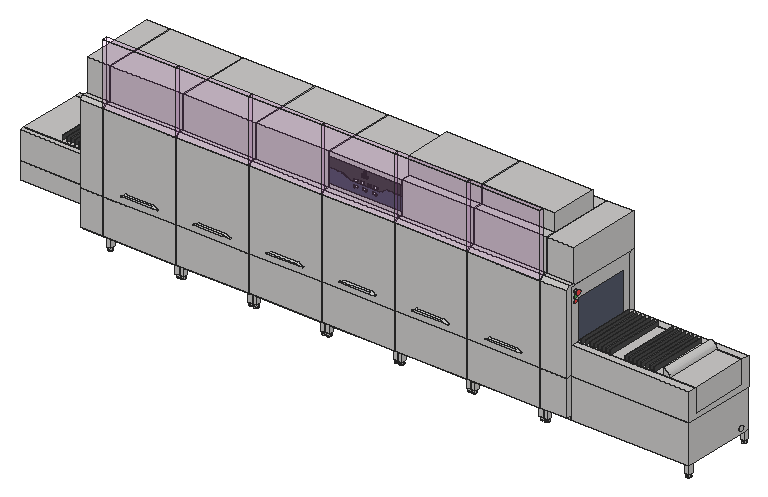
Revit family "QF_ELECTROLUXPROFESSIONAL_520129_EFTD108EL2U3D1M5EL385", category Attrezzature speciali, Revit 2020
Family settings
  Quota connettore circolare = Usa diametro
  Tipo di parte = Normale
  Basato su piano di lavoro = No
  Sempre verticale = Sì
  Taglio con vuoti quando caricato = No
  Condiviso = No
  Punto di calcolo locali = No
Parameters (values of type "Standard")
  Weight = 1602.00 kg
  Watts = 87700 W
  Volts = 380 V
  URL Manufacturer = "https://www.electroluxprofessional.com/"
  URL = "https://www.electroluxprofessional.com/"
  Steam Supply Size = 0 mm
  Steam Supply Minimum Pressure = 0.0 Pa
  Steam Supply Maximum Pressure = 0.0 Pa
  Steam Consumption per Hour = 0
  Show Logo [instance] = yes
  Show Clearance [instance] = yes
  Refrigeration Suction Line Size = 0 mm
  Refrigeration Liquid Line Size = 0 mm
  Refrigerant Compressor Remote = yes
  Prospetto di default = 0 mm
  Produttore = "Electrolux Professional"
  Phase = 3
  Modello = "EFTD108EL2U3D1M5EL385"
  Length Actual = 7350 mm  # constant formula
  Item Number = "520129"
  Hot Water Size = 0 mm
  Height Actual = 1983 mm  # constant formula
  HP = "117.6 HP"
  Gas Size = 0 mm
  Gas KW = 0
  Gas Input Pressure = 0 W
  Direct Waste Size = 50.8 mm
  Descrizione = "FT, 4TANKS, 10800D/H, EL., 950MM LOADING, 1600MM UNLOADING, 1DRYER, 55MM CONVEYOR,ESD,L>R,380V50HZ3P"
  Depth Actual = 946 mm  # constant formula
  Cycle = 50 Hz
  Condensate Return Size = 0 mm
  Compressed Air Volume = 0.0 L/s
  Compressed Air Size = 0 mm
  Compressed Air Pressure = 0.0 Pa
  Cold Water Size = 0 mm
  Accessory = yes
Reference planes
  plane 1 "Centro (Fronte/Retro)": y = 0
  plane 2: z = 0
  plane 3 "Centro (Sinistra/Destra)": x = 0
  plane 4: z = 115
Forms (mm)
  Extrusion 1, solid, material "QF_Finishes_Stainless Steel"
    sketch origin (3032.404, 2, 1806.023) x (1, 0, 0) y (0, 0, 1)
      loop
        line (407.596, -163.023) -> (407.596, -183.023) -> (427.596, -183.023) -> (427.596, -163.023) -> (407.596, -163.023)
    from 0 to 2
  Extrusion 2, solid, material "QF_Finishes_Stainless Steel"
    sketch origin (7355.617, -934.464, 1290.159) x (0, 0, -1) y (0, -1, 0)
      loop
        circle (1102.159, -772.464) r 25
    from -9.383 to 5.617
  Extrusion 3, solid, material "QF_Finishes_Stainless Steel"
    sketch origin (3692.404, 2, 337.984) x (1, 0, 0) y (0, 0, 1)
      loop
        line (407.596, -163.023) -> (407.596, -183.023) -> (427.596, -183.023) -> (427.596, -163.023) -> (407.596, -163.023)
    from 0 to 2
  Extrusion 4, solid, material "QF_Finishes_Stainless Steel"
    sketch origin (3497.841, 200.464, 109.383) x (1, 0, 0) y (0, 1, 0)
      loop
        circle (1102.159, -772.464) r 10
    from -9.383 to 5.617
Dimensions and locks
  plane 4 to level = 115 mm
  aligned and locked: level to plane 2
Nested families
  nested 1: "MODULO_CENTER_800_FAN" at (4533.563, -388.258, 0), Show Clearance <- "Show Clearance", type "MODULO_CENTER_800_FAN"
    with Show Logo yes, Show Clearance yes, R_L no, L_R yes
  nested 2: "MODULO_CENTER_800_FAN" at (5333.563, -388.258, 0), Show Clearance <- "Show Clearance", type "MODULO_CENTER_800_FAN"
    with Show Logo yes, Show Clearance yes, R_L no, L_R yes
  nested 3: "MODULO_CENTER_800" at (3733.563, -388.258, 0), Show Clearance <- "Show Clearance", type "MODULO_CENTER_800"
    with Show Logo yes, Show Clearance yes, R_L no, L_R yes
  nested 4: "MODULO_ENTRY_DISH_950" at (558.563, -388.258, 0), type "MODULO_ENTRY_DISH_950"
    with Show Logo yes, Show Clearance yes, R_L no, L_R yes
  nested 5: "MODULO_USCITA_DISH_1600" at (6108.563, -388.258, 0), type "MODULO_USCITA_DISH_1600"
    with Show Logo yes, Show Clearance yes, R_L yes, L_R no
  nested 6: "Piedino_Square_115H" at (7326.5, -73.5, 0) x (-1, 0, 0) z (0, 0, 1), type "Piedino_Square_115H"
  nested 7: "Piedino_Square_115H" at (7326.5, -838.5, 0) x (-1, 0, 0) z (0, 0, 1), type "Piedino_Square_115H"
  nested 8: "Piedino_Square_115H" at (5773.5, -73.5, 0) x (-1, 0, 0) z (0, 0, 1), type "Piedino_Square_115H"
  nested 9: "Piedino_Square_115H" at (5773.5, -838.5, 0) x (-1, 0, 0) z (0, 0, 1), type "Piedino_Square_115H"
  nested 10: "Piedino_Square_115H" at (4173.5, -838.5, 0), type "Piedino_Square_115H"
  nested 11: "Piedino_Square_115H" at (4173.5, -73.5, 0), type "Piedino_Square_115H"
  nested 12: "Piedino_Square_115H" at (4926.5, -838.5, 0), type "Piedino_Square_115H"
  nested 13: "Piedino_Square_115H" at (4926.5, -73.5, 0), type "Piedino_Square_115H"
  nested 14: "Piedino_Square_115H" at (4973.5, -838.5, 0) x (-1, 0, 0) z (0, 0, 1), type "Piedino_Square_115H"
  nested 15: "Piedino_Square_115H" at (4973.5, -73.5, 0) x (-1, 0, 0) z (0, 0, 1), type "Piedino_Square_115H"
  nested 16: "Piedino_Square_115H" at (5726.5, -838.5, 0) x (-1, 0, 0) z (0, 0, 1), type "Piedino_Square_115H"
  nested 17: "Piedino_Square_115H" at (5726.5, -73.5, 0) x (-1, 0, 0) z (0, 0, 1), type "Piedino_Square_115H"
  nested 18: "Piedino_Square_115H" at (3373.5, -838.5, 0), type "Piedino_Square_115H"
  nested 19: "Piedino_Square_115H" at (3373.5, -73.5, 0), type "Piedino_Square_115H"
  nested 20: "Piedino_Square_115H" at (4126.5, -838.5, 0), type "Piedino_Square_115H"
  nested 21: "Piedino_Square_115H" at (4126.5, -73.5, 0), type "Piedino_Square_115H"
  nested 22: "MANIGLIA_FLIGHT_400" at (3750, -912, 639.28) x (1, 0, 0) z (0, -1, 0), type "MANIGLIA_FLIGHT_400"
  nested 23: "MANIGLIA_FLIGHT_400" at (5350, -912, 639.28) x (1, 0, 0) z (0, -1, 0), type "MANIGLIA_FLIGHT_400"
  nested 24: "MANIGLIA_FLIGHT_400" at (4550, -912, 639.28) x (1, 0, 0) z (0, -1, 0), type "MANIGLIA_FLIGHT_400"
  nested 25: "MODULO_CENTER_800" at (2966.437, -388.258, 0) x (-1, 0, 0) z (0, 0, 1), Show Clearance <- "Show Clearance", type "MODULO_CENTER_800"
    with Show Logo yes, Show Clearance yes, R_L no, L_R yes
  nested 26: "Piedino_Square_115H" at (3326.5, -838.5, 0) x (-1, 0, 0) z (0, 0, 1), type "Piedino_Square_115H"
  nested 27: "Piedino_Square_115H" at (3326.5, -73.5, 0) x (-1, 0, 0) z (0, 0, 1), type "Piedino_Square_115H"
  nested 28: "Piedino_Square_115H" at (2573.5, -838.5, 0) x (-1, 0, 0) z (0, 0, 1), type "Piedino_Square_115H"
  nested 29: "Piedino_Square_115H" at (2573.5, -73.5, 0) x (-1, 0, 0) z (0, 0, 1), type "Piedino_Square_115H"
  nested 30: "MANIGLIA_FLIGHT_400" at (2950, -912, 639.28) x (-1, 0, 0) z (0, -1, 0), type "MANIGLIA_FLIGHT_400"
  nested 31: "MODULO_CENTER_800" at (2133.563, -388.258, 0), Show Clearance <- "Show Clearance", type "MODULO_CENTER_800"
    with Show Logo yes, Show Clearance yes, R_L no, L_R yes
  nested 32: "Piedino_Square_115H" at (1773.5, -838.5, 0), type "Piedino_Square_115H"
  nested 33: "Piedino_Square_115H" at (1773.5, -73.5, 0), type "Piedino_Square_115H"
  nested 34: "Piedino_Square_115H" at (2526.5, -838.5, 0), type "Piedino_Square_115H"
  nested 35: "Piedino_Square_115H" at (2526.5, -73.5, 0), type "Piedino_Square_115H"
  nested 36: "MANIGLIA_FLIGHT_400" at (2150, -912, 639.28) x (1, 0, 0) z (0, -1, 0), type "MANIGLIA_FLIGHT_400"
  nested 37: "MODULO_CENTER_800" at (1366.437, -388.258, 0) x (-1, 0, 0) z (0, 0, 1), Show Clearance <- "Show Clearance", type "MODULO_CENTER_800"
    with Show Logo yes, Show Clearance yes, R_L no, L_R yes
  nested 38: "Piedino_Square_115H" at (1726.5, -838.5, 0) x (-1, 0, 0) z (0, 0, 1), type "Piedino_Square_115H"
  nested 39: "Piedino_Square_115H" at (1726.5, -73.5, 0) x (-1, 0, 0) z (0, 0, 1), type "Piedino_Square_115H"
  nested 40: "Piedino_Square_115H" at (973.5, -838.5, 0) x (-1, 0, 0) z (0, 0, 1), type "Piedino_Square_115H"
  nested 41: "Piedino_Square_115H" at (973.5, -73.5, 0) x (-1, 0, 0) z (0, 0, 1), type "Piedino_Square_115H"
  nested 42: "MANIGLIA_FLIGHT_400" at (1350, -912, 639.28) x (-1, 0, 0) z (0, -1, 0), type "MANIGLIA_FLIGHT_400"
  nested 43: "Schermo_Flight_800" at (3750, -815, 1592.43) x (1, 0, 0) z (0, -1, 0), type "Schermo_Flight_800"
  nested 44: "ELX_LOGO_WORDS_WHITE" at (3750, -816.6, 1682.43) x (1, 0, 0) z (0, -1, 0), visible <- "Show Logo", Show Logo <- "Show Logo", type "ELX_LOGO_WORDS_WHITE"
    with Show Logo yes
  nested 45: "ELX_LOGO_MONO_SMALL_WHITE" at (3740.08, -816.6, 1668.43) x (-1, 0, 0) z (0, -1, 0), visible <- "Show Logo", Show Logo <- "Show Logo", type "ELX_LOGO_MONO_SMALL_WHITE"
    with Show Logo yes
Connectors
  electrical at (3450, 2, 1633)
    settings: on Extrusion 1, index 69, voltage 0 V, apparent load 0 VA, apparent load phase1 0 VA, apparent load phase2 0 VA, apparent load phase3 0 VA, power factor 1, load classification "Altro", number of poles 1, system type 30, power factor state 1, is connector primary yes, connector utility no, sub classification motor no, connector description "EI"
  piping at (7365, -162, 188), diameter 50
    settings: on Extrusion 2, index 70, connector inside diameter 609.6 mm, connector length 0 mm, flow factor 0, pipe flow 0.0 L/s, pressure drop 0.0 Pa, fitting loss kfactor 0, connector angle 0.00°, fixture units 0, engagement length 0 mm, angle of deflection 0.00°, flow configuration 0, flow direction 0, fitting loss method 0, system type 29, joint type 0, gender type 0, connector reference index -1, connector utility 0, adjustable connector no, is connector primary yes, connector description "D"
  electrical at (4110, 2, 164.961)
    settings: on Extrusion 3, index 71, voltage 0 V, apparent load 0 VA, apparent load phase1 0 VA, apparent load phase2 0 VA, apparent load phase3 0 VA, power factor 1, load classification "Altro", number of poles 1, system type 30, power factor state 1, is connector primary no, connector utility no, sub classification motor no, connector description "EQ"
  piping at (4600, -572, 100), diameter 19.1
    settings: on Extrusion 4, index 72, connector inside diameter 609.6 mm, connector length 0 mm, flow factor 0, pipe flow 0.0 L/s, pressure drop 0.0 Pa, fitting loss kfactor 0, connector angle 0.00°, fixture units 0, engagement length 0 mm, angle of deflection 0.00°, flow configuration 0, flow direction 0, fitting loss method 0, system type 29, joint type 0, gender type 0, connector reference index -1, connector utility 0, adjustable connector no, is connector primary no, connector description "HWI/CWI"
Definition of nested family "MODULO_CENTER_800_FAN"
  Parameters (values of type "MODULO_CENTER_800_FAN")
    URL = "http://professional.electrolux.com"
    Show Logo [instance] = yes
    R_L [instance] = not(L_R)  # no
    Default Elevation = 0 mm
    Manufacturer = "Electrolux"
    Model = "ESR10E5"
    Length Actual = 800 mm
    Show Clearance [instance] = yes
    L_R [instance] = yes
    Height Actual = 1792 mm
    Description = "SINGLE RINSE RT, 100R/H, ELECTRIC 50HZ"
    Depth Actual = 912 mm
  Reference planes
    plane 1 "Center X": y = -67.742
    plane 2: z = 0
    plane 3 "LEFT": x = -383.563
    plane 4 "RIGHT": x = 416.437
    plane 5 "BACK": y = 388.258
    plane 6 "FEET": z = 115
    plane 7: z = 2092
    plane 8 "TOP": z = 1792
    plane 9 "FRONT": y = -523.742
    plane 10 "Left/Right": x = 16.437
    plane 11 "TopVent": z = 1983
  Forms (mm)
    Extrusion 1, solid
      sketch origin (416.437, 479.936, 4000) x (0, 1, 0) y (0, 0, 1)
        loop
          line (-91.678, -2208) -> (-906.678, -2208) -> (-906.678, -2580) -> (-91.678, -2580) -> (-91.678, -2208)
      from -800 to 0
    Extrusion 2, solid
      sketch origin (-383.563, 437.565, 3910) x (0, 1, 0) y (0, 0, 1)
        loop
          line (-99.307, -2490) -> (-911.307, -2490) -> (-911.307, -3552) -> (-99.307, -3552) -> (-99.307, -2490)
      from 800 to 0
    Extrusion 3, solid
      sketch origin (416.437, 479.936, 4299) x (0, 1, 0) y (0, 0, 1)
        loop
          line (-278.21, -2316) -> (-803.678, -2316) -> (-803.678, -2507) -> (-278.21, -2507) -> (-278.21, -2316)
      from -800 to 0
    Extrusion 4, solid
      sketch origin (16.437, 0, 1.5) x (0, 0, 1) y (0, -1, 0)
        loop
          line (356.5, -338.258) -> (356.5, 473.742) -> (113.5, 473.742) -> (113.5, -338.258) -> (356.5, -338.258)
      from 400 to -400
    Extrusion 5, solid
      sketch origin (16.437, 0, 0) x (0, 0, 1) y (0, -1, 0)
        loop
          line (1420, -338.258) -> (545, -338.258) -> (545, -388.258) -> (1420, -388.258) -> (1420, -338.258)
      from -400 to 400
    Extrusion 6, solid
      sketch origin (16.437, 0, 0) x (0, 0, 1) y (0, -1, 0)
        loop
          line (545, -388.258) -> (545, -338.258) -> (154, -338.258) -> (154, -388.258) -> (545, -388.258)
      from -400 to 400
    Extrusion 7, solid
      sketch origin (16.437, -882.484, -150) x (0, -1, 0) y (0, 0, 1)
        loop
          line (-358.742, 304) -> (-358.742, 695) -> (-408.742, 695) -> (-408.742, 304) -> (-358.742, 304)
      from -400 to 400
    Extrusion 8, solid
      sketch origin (16.437, -882.484, -151) x (0, -1, 0) y (0, 0, 1)
        loop
          line (-408.742, 1571) -> (-408.742, 696) -> (-358.742, 696) -> (-358.742, 1556) -> (-395.742, 1593) -> (-443.742, 1593) -> (-443.742, 1571) -> (-408.742, 1571)
      from -400 to 400
    Extrusion 9, solid, visible <- "Show Clearance"
      sketch origin (16.437, -882.484, 452) x (0, -1, 0) y (0, 0, 1)
        loop
          line (-408.742, 1640) -> (-408.742, 953.624) -> (-358.742, 953.624) -> (-358.742, 1640) -> (-408.742, 1640)
      from -400 to 400
  Dimensions and locks
    plane 3 "LEFT" to plane 4 "RIGHT" = 800 mm
    plane 5 "BACK" to plane 1 "Center X" to plane 9 "FRONT" = 456 mm, 456 mm
    plane 6 "FEET" to level = 115 mm  (x2)
    plane 6 "FEET" to plane 8 "TOP" = 1677 mm
    plane 5 "BACK" to plane 9 "FRONT" = 912 mm  (x2)
    plane 4 "RIGHT" to plane 3 "LEFT" = 800 mm
    plane 9 "FRONT" to plane 5 "BACK" = 912 mm
    level to plane 8 "TOP" = 1792 mm  (x2)
    plane 7 to level = 2092 mm
    plane 11 "TopVent" to plane 2 = 1983 mm
    plane 7 to plane 2 = 2092 mm
    Extrusion 2 to level = 1420 mm
    Extrusion 8 to level = 1442 mm
    plane 11 "TopVent" to level = 1983 mm
    aligned and locked: level to plane 2
Definition of nested family "MODULO_CENTER_800"
  Parameters (values of type "MODULO_CENTER_800")
    URL = "http://professional.electrolux.com"
    Show Logo [instance] = yes
    R_L [instance] = not(L_R)  # no
    Default Elevation = 0 mm
    Manufacturer = "Electrolux"
    Model = "ESR10E5"
    Length Actual = 800 mm
    Show Clearance [instance] = yes
    L_R [instance] = yes
    Height Actual = 1792 mm
    Description = "SINGLE RINSE RT, 100R/H, ELECTRIC 50HZ"
    Depth Actual = 912 mm
  Reference planes
    plane 1 "Center X": y = -67.742
    plane 2: z = 0
    plane 3 "LEFT": x = -383.563
    plane 4 "RIGHT": x = 416.437
    plane 5 "BACK": y = 388.258
    plane 6 "FEET": z = 115
    plane 7: z = 2092
    plane 8 "TOP": z = 1792
    plane 9 "FRONT": y = -523.742
    plane 10 "Left/Right": x = 16.437
  Forms (mm)
    Extrusion 1, solid
      sketch origin (416.437, 479.936, 4000) x (0, 1, 0) y (0, 0, 1)
        loop
          line (-91.678, -2208) -> (-906.678, -2208) -> (-906.678, -2580) -> (-91.678, -2580) -> (-91.678, -2208)
      from -800 to 0
    Extrusion 2, solid
      sketch origin (-383.563, 437.565, 3915) x (0, 1, 0) y (0, 0, 1)
        loop
          line (-99.307, -2495) -> (-911.307, -2495) -> (-911.307, -3557) -> (-99.307, -3557) -> (-99.307, -2495)
      from 800 to 0
    Extrusion 3, solid
      sketch origin (16.437, 0, 1.5) x (0, 0, 1) y (0, -1, 0)
        loop
          line (356.5, -338.258) -> (356.5, 473.742) -> (113.5, 473.742) -> (113.5, -338.258) -> (356.5, -338.258)
      from 400 to -400
    Extrusion 4, solid
      sketch origin (16.437, 0, 0) x (0, 0, 1) y (0, -1, 0)
        loop
          line (1420, -338.258) -> (545, -338.258) -> (545, -388.258) -> (1420, -388.258) -> (1420, -338.258)
      from -400 to 400
    Extrusion 5, solid
      sketch origin (16.437, 0, 0) x (0, 0, 1) y (0, -1, 0)
        loop
          line (545, -388.258) -> (545, -338.258) -> (154, -338.258) -> (154, -388.258) -> (545, -388.258)
      from -400 to 400
    Extrusion 6, solid
      sketch origin (16.437, -882.484, -150) x (0, -1, 0) y (0, 0, 1)
        loop
          line (-358.742, 304) -> (-358.742, 695) -> (-408.742, 695) -> (-408.742, 304) -> (-358.742, 304)
      from -400 to 400
    Extrusion 7, solid
      sketch origin (16.437, -882.484, -151) x (0, -1, 0) y (0, 0, 1)
        loop
          line (-408.742, 1571) -> (-408.742, 696) -> (-358.742, 696) -> (-358.742, 1556) -> (-395.742, 1593) -> (-443.742, 1593) -> (-443.742, 1571) -> (-408.742, 1571)
      from -400 to 400
    Extrusion 8, solid, visible <- "Show Clearance"
      sketch origin (16.437, -882.484, 452) x (0, -1, 0) y (0, 0, 1)
        loop
          line (-408.742, 1640) -> (-408.742, 953.624) -> (-358.742, 953.624) -> (-358.742, 1640) -> (-408.742, 1640)
      from -400 to 400
  Dimensions and locks
    plane 3 "LEFT" to plane 4 "RIGHT" = 800 mm
    plane 5 "BACK" to plane 1 "Center X" to plane 9 "FRONT" = 456 mm, 456 mm
    plane 6 "FEET" to level = 115 mm  (x2)
    plane 6 "FEET" to plane 8 "TOP" = 1677 mm
    plane 5 "BACK" to plane 9 "FRONT" = 912 mm  (x2)
    plane 4 "RIGHT" to plane 3 "LEFT" = 800 mm
    plane 9 "FRONT" to plane 5 "BACK" = 912 mm
    level to plane 8 "TOP" = 1792 mm  (x2)
    plane 7 to level = 2092 mm
    plane 7 to plane 2 = 2092 mm
    Extrusion 2 to level = 1420 mm
    Extrusion 7 to level = 1442 mm
    aligned and locked: level to plane 2
Definition of nested family "MODULO_ENTRY_DISH_950"
  Parameters (values of type "MODULO_ENTRY_DISH_950")
    URL = "http://professional.electrolux.com"
    Show Logo [instance] = yes
    R_L [instance] = not(L_R)  # no
    Default Elevation = 0 mm
    Manufacturer = "Electrolux"
    Model = "ESR10E5"
    Length Actual = 800 mm
    Show Clearance [instance] = yes
    L_R [instance] = yes
    Height Actual = 1792 mm
    Description = "SINGLE RINSE RT, 100R/H, ELECTRIC 50HZ"
    Depth Actual = 912 mm
  Reference planes
    plane 1 "Center (Front/Back)": y = -67.742
    plane 2: z = 0
    plane 3 "LEFT": x = -558.563
    plane 4 "RIGHT": x = 391.437
    plane 5 "BACK": y = 388.258
    plane 6 "FRONT": y = -523.742
    plane 7 "BUTTONS": y = -427.742
    plane 8: z = 115
    plane 9 "2": y = 292.258
  Forms (mm)
    Extrusion 1, solid, visible <- "L_R"
      sketch origin (391.437, 479.936, 4000) x (0, 1, 0) y (0, 0, 1)
        loop
          line (-91.678, -2208) -> (-906.678, -2208) -> (-906.678, -2580) -> (-91.678, -2580) -> (-91.678, -2208)
      from -250 to 0
    Extrusion 2, solid
      sketch origin (-358.563, 437.565, 3910) x (0, 1, 0) y (0, 0, 1)
        loop
          line (-99.307, -2490) -> (-911.307, -2490) -> (-911.307, -3552) -> (-99.307, -3552) -> (-99.307, -2490)
      from 750 to 500
    Extrusion 3, solid
      sketch origin (-558.563, 437.565, 3910) x (0, 1, 0) y (0, 0, 1)
        loop
          line (-99.307, -3365) -> (-99.307, -3060) -> (-149.307, -3060) -> (-149.307, -3315) -> (-861.307, -3315) -> (-861.307, -3060) -> (-911.307, -3060) -> (-911.307, -3365) -> (-99.307, -3365)
      from 700 to 0
    Extrusion 4, solid
      sketch origin (16.437, 0, -4.987) x (0, 0, 1) y (0, -1, 0)
        loop
          line (362.987, -338.258) -> (362.987, 473.742) -> (119.987, 473.742) -> (119.987, -338.258) -> (362.987, -338.258)
      from 375 to 125
    Extrusion 5, solid, visible <- "L_R"
      sketch origin (16.437, 0, 0) x (0, 0, 1) y (0, -1, 0)
        loop
          line (1420, -338.258) -> (545, -338.258) -> (545, -388.258) -> (1420, -388.258) -> (1420, -338.258)
      from 125 to 375
    Extrusion 6, solid
      sketch origin (16.437, 0, 0) x (0, 0, 1) y (0, -1, 0)
        loop
          line (545, -388.258) -> (545, -338.258) -> (154, -338.258) -> (154, -388.258) -> (545, -388.258)
      from 125 to 375
    Extrusion 7, solid
      sketch origin (-558.563, 437.565, 3607.258) x (0, 1, 0) y (0, 0, 1)
        loop
          line (-99.307, -3249.258) -> (-99.307, -3062.258) -> (-911.307, -3062.258) -> (-911.307, -3249.258) -> (-99.307, -3249.258)
      from 700 to 0
    Extrusion 8, solid
      sketch origin (-558.563, 437.565, 4000) x (0, 1, 0) y (0, 0, 1)
        loop
          line (-149.307, -3150) -> (-861.307, -3150) -> (-861.307, -3405) -> (-149.307, -3405) -> (-149.307, -3150)
      from 0 to 700
    Extrusion 9, solid
      sketch origin (266.437, -882.484, -150) x (0, -1, 0) y (0, 0, 1)
        loop
          line (-358.742, 304) -> (-358.742, 695) -> (-408.742, 695) -> (-408.742, 304) -> (-358.742, 304)
      from -125 to 125
    Extrusion 10, solid, visible <- "L_R"
      sketch origin (266.437, -882.484, -151) x (0, -1, 0) y (0, 0, 1)
        loop
          line (-408.742, 1571) -> (-408.742, 696) -> (-358.742, 696) -> (-358.742, 1556) -> (-395.742, 1593) -> (-443.742, 1593) -> (-443.742, 1571) -> (-408.742, 1571)
      from -125 to 125
    Extrusion 11, solid
      sketch origin (-358.563, 437.565, 4000) x (0, 1, 0) y (0, 0, 1)
        loop
          line (-199.307, -2725.701) -> (-811.307, -2725.701) -> (-811.307, -3137.701) -> (-199.307, -3137.701) -> (-199.307, -2725.701)
      from 495.458 to 500
    Extrusion 12, solid, visible <- "R_L"
      sketch origin (266.437, 747, -151) x (0, 1, 0) y (0, 0, -1)
        loop
          line (-408.742, -1571) -> (-443.742, -1571) -> (-443.742, -1593) -> (-395.742, -1593) -> (-358.742, -1556) -> (-358.742, -696) -> (-408.742, -696) -> (-408.742, -1571)
      from -125 to 125
    Extrusion 13, solid, visible <- "R_L"
      sketch origin (16.437, -135.484, 0) x (0, 0, 1) y (0, -1, 0)
        loop
          line (1420, 338.258) -> (1420, 388.258) -> (545, 388.258) -> (545, 338.258) -> (1420, 338.258)
      from 125 to 375
    Extrusion 14, solid, visible <- "R_L"
      sketch origin (391.437, -615.42, 4000) x (0, -1, 0) y (0, 0, -1)
        loop
          line (-91.678, 2208) -> (-91.678, 2580) -> (-906.678, 2580) -> (-906.678, 2208) -> (-91.678, 2208)
      from -250 to 0
    Extrusion 15, solid
      sketch origin (-191.477, -192.742, -3) x (-1, 0, 0) y (0, 0, 1)
        loop
          line (-26.676, 853) -> (-26.676, 898) -> (-36.676, 898) -> (-36.676, 853) -> (-26.676, 853)
      from -196 to 446
    Extrusion 16, solid
      sketch origin (-146.477, -192.742, -3) x (-1, 0, 0) y (0, 0, 1)
        loop
          line (-26.676, 853) -> (-26.676, 898) -> (-36.676, 898) -> (-36.676, 853) -> (-26.676, 853)
      from -196 to 446
    Extrusion 17, solid
      sketch origin (-101.477, -192.742, -3) x (-1, 0, 0) y (0, 0, 1)
        loop
          line (-26.676, 853) -> (-26.676, 898) -> (-36.676, 898) -> (-36.676, 853) -> (-26.676, 853)
      from -196 to 446
    Extrusion 18, solid
      sketch origin (-56.477, -192.742, -3) x (-1, 0, 0) y (0, 0, 1)
        loop
          line (-26.676, 853) -> (-26.676, 898) -> (-36.676, 898) -> (-36.676, 853) -> (-26.676, 853)
      from -196 to 446
    Extrusion 19, solid
      sketch origin (-11.477, -192.742, -3) x (-1, 0, 0) y (0, 0, 1)
        loop
          line (-26.676, 853) -> (-26.676, 898) -> (-36.676, 898) -> (-36.676, 853) -> (-26.676, 853)
      from -196 to 446
    Extrusion 20, solid
      sketch origin (33.523, -192.742, -3) x (-1, 0, 0) y (0, 0, 1)
        loop
          line (-26.676, 853) -> (-26.676, 898) -> (-36.676, 898) -> (-36.676, 853) -> (-26.676, 853)
      from -196 to 446
  Dimensions and locks
    plane 3 "LEFT" to plane 4 "RIGHT" = 950 mm
    plane 5 "BACK" to plane 1 "Center (Front/Back)" to plane 6 "FRONT" = 456 mm, 456 mm
    plane 5 "BACK" to plane 6 "FRONT" = 912 mm  (x2)
    plane 4 "RIGHT" to plane 3 "LEFT" = 950 mm  (x2)
    plane 6 "FRONT" to plane 5 "BACK" = 912 mm
    plane 8 to level = 115 mm
    Extrusion 1 to level = 1792 mm
    Extrusion 3 to level = 850 mm
    aligned and locked: level to plane 2
  Nested families
    nested 1: "BOTTONE_RED_STOP" at (141.437, -427.742, 1266.906) x (0, -1, 0) z (-1, 0, 0), visible <- "L_R", type "BOTTONE_RED_STOP"
    nested 2: "BOTTONE_EMERGENCY_STOP" at (141.437, -427.742, 1370) x (0, -1, 0) z (-1, 0, 0), visible <- "L_R", type "BOTTONE_EMERGENCY_STOP"
    nested 3: "BOTTONE_GREEN_START" at (141.437, -427.742, 1316.906) x (0, -1, 0) z (-1, 0, 0), visible <- "L_R", type "BOTTONE_GREEN_START"
    nested 4: "BOTTONE_RED_STOP" at (141.437, 292.258, 1267.906) x (0, 1, 0) z (-1, 0, 0), visible <- "R_L", type "BOTTONE_RED_STOP"
    nested 5: "BOTTONE_EMERGENCY_STOP" at (141.437, 292.258, 1371) x (0, 1, 0) z (-1, 0, 0), visible <- "R_L", type "BOTTONE_EMERGENCY_STOP"
    nested 6: "BOTTONE_GREEN_START" at (141.437, 292.258, 1317.906) x (0, 1, 0) z (-1, 0, 0), visible <- "R_L", type "BOTTONE_GREEN_START"
  Definition of nested family "BOTTONE_RED_STOP"
    Parameters (values of type "BOTTONE_RED_STOP")
      Default Elevation = 1219.2 mm
    Reference planes
      plane 1 "Centro (Fronte/Retro)": y = 0
      plane 2: z = 0
      plane 3 "Centro (Sinistra/Destra)": x = 0
    Forms (mm)
      Extrusion 1, solid
        sketch origin (0, 0, 0) x (1, 0, 0) y (0, 1, 0)
          loop
            line (-1219.2, 1219.2) -> (-1219.2, -1219.2) -> (1219.2, -1219.2) -> (1219.2, 1219.2) -> (-1219.2, 1219.2)
        from 0 to -304.8
      Extrusion 2, solid
        sketch origin (-367.513, 69.533, 15) x (-1, 0, 0) y (0, 1, 0)
          loop
            circle (-367.513, -69.533) r 15
        from 0 to 15
    Dimensions and locks
      aligned and locked: plane 2 to Extrusion 1
      aligned and locked: level to Extrusion 1
  Definition of nested family "BOTTONE_EMERGENCY_STOP"
    Parameters
      Default Elevation = 1219.2 mm
    Reference planes
      plane 1 "Centro (Fronte/Retro)": y = 0
      plane 2: z = 0
      plane 3 "Centro (Sinistra/Destra)": x = 0
    Forms (mm)
      Extrusion 1, solid
        sketch origin (0, 0, 0) x (1, 0, 0) y (0, 1, 0)
          loop
            line (-1219.2, 1219.2) -> (-1219.2, -1219.2) -> (1219.2, -1219.2) -> (1219.2, 1219.2) -> (-1219.2, 1219.2)
        from 0 to -304.8
      Extrusion 2, solid
        sketch origin (0, 0, 0) x (1, 0, 0) y (0, 1, 0)
          loop
            circle (0, 0) r 15
        from 0 to 20.273
      Blend 3, solid
        base sketch origin (-49.801, 0, 0) x (1, 0, 0) y (0, 1, 0)
          loop
            circle (49.801, 0) r 15
        top sketch origin (-49.801, 0, 0) x (1, 0, 0) y (0, 1, 0)
          loop
            circle (49.801, 0) r 25
        from 20.273 to 47.605
    Dimensions and locks
      aligned and locked: plane 2 to Extrusion 1
      aligned and locked: level to Extrusion 1
  Definition of nested family "BOTTONE_GREEN_START"
    Parameters (values of type "BOTTONE_GREEN_START")
      Default Elevation = 1219.2 mm
    Reference planes
      plane 1 "Centro (Fronte/Retro)": y = 0
      plane 2: z = 0
      plane 3 "Centro (Sinistra/Destra)": x = 0
    Forms (mm)
      Extrusion 1, solid
        sketch origin (0, 0, 0) x (1, 0, 0) y (0, 1, 0)
          loop
            line (-1219.2, 1219.2) -> (-1219.2, -1219.2) -> (1219.2, -1219.2) -> (1219.2, 1219.2) -> (-1219.2, 1219.2)
        from 0 to -304.8
      Extrusion 2, solid
        sketch origin (-367.513, 69.533, 15) x (-1, 0, 0) y (0, 1, 0)
          loop
            circle (-367.513, -69.533) r 15
        from 0 to 15
    Dimensions and locks
      aligned and locked: plane 2 to Extrusion 1
      aligned and locked: level to Extrusion 1
Definition of nested family "MODULO_USCITA_DISH_1600"
  Parameters (values of type "MODULO_USCITA_DISH_1600")
    URL = "http://professional.electrolux.com"
    Show Logo [instance] = yes
    R_L [instance] = not(L_R)  # yes
    Default Elevation = 0 mm
    Manufacturer = "Electrolux"
    Model = "ESR10E5"
    Length Actual = 800 mm
    Show Clearance [instance] = yes
    L_R [instance] = no
    Height Actual = 1792 mm
    Description = "SINGLE RINSE RT, 100R/H, ELECTRIC 50HZ"
    Depth Actual = 912 mm
  Reference planes
    plane 1 "Center (Front/Back)": y = -67.742
    plane 2: z = 0
    plane 3 "LEFT": x = -358.563
    plane 4 "BACK": y = 388.258
    plane 5 "FEET": z = 115
    plane 6 "TOP": z = 1792
    plane 7 "FRONT": y = -523.742
    plane 8: x = -358.563
    plane 9: y = -427.742
    plane 10 "RIGHT": x = 1241.437
  Forms (mm)
    Extrusion 1, solid, visible <- "R_L"
      sketch origin (-358.563, 479.936, 4003) x (0, 1, 0) y (0, 0, -1)
        loop
          line (-91.678, 2211) -> (-91.678, 2583) -> (-906.678, 2583) -> (-906.678, 2211) -> (-91.678, 2211)
      from -300 to 0
    Extrusion 2, solid
      sketch origin (-358.563, 437.565, 4003) x (0, 1, 0) y (0, 0, 1)
        loop
          line (-99.307, -3458) -> (-911.307, -3458) -> (-911.307, -3888) -> (-99.307, -3888) -> (-99.307, -3458)
      from 300 to 0
    Extrusion 3, solid
      sketch origin (-358.563, 479.936, 4003) x (0, 1, 0) y (0, 0, -1)
        loop
          line (-141.678, 2583) -> (-141.678, 3458) -> (-953.678, 3458) -> (-953.678, 2583) -> (-141.678, 2583)
      from -300 to 0
    Extrusion 4, solid
      sketch origin (391.437, 437.565, 3913) x (0, 1, 0) y (0, 0, -1)
        loop
          line (-99.307, 3368) -> (-911.307, 3368) -> (-911.307, 3063) -> (-826.307, 3063) -> (-826.307, 3318) -> (-184.307, 3318) -> (-184.307, 3063) -> (-99.307, 3063) -> (-99.307, 3368)
      from 450 to -850
    Extrusion 5, solid, visible <- "R_L"
      sketch origin (16.437, 0, 3) x (0, 0, 1) y (0, 1, 0)
        loop
          line (1417, 338.258) -> (1417, 388.258) -> (542, 388.258) -> (542, 338.258) -> (1417, 338.258)
      from 75 to 375
    Extrusion 6, solid
      sketch origin (16.437, 0, 3) x (0, 0, 1) y (0, 1, 0)
        loop
          line (542, 388.258) -> (151, 388.258) -> (151, 338.258) -> (542, 338.258) -> (542, 388.258)
      from 75 to 375
    Extrusion 7, solid
      sketch origin (391.437, 437.565, 3610.258) x (0, 1, 0) y (0, 0, -1)
        loop
          line (-99.307, 3495.258) -> (-911.307, 3495.258) -> (-911.307, 3065.258) -> (-99.307, 3065.258) -> (-99.307, 3495.258)
      from 450 to -850
    Extrusion 8, solid
      sketch origin (1241.437, 0, 3) x (0, 1, 0) y (0, 0, 1)
        loop
          line (253.258, 847) -> (-388.742, 847) -> (-388.742, 592) -> (253.258, 592) -> (253.258, 847)
      from 0 to -1300
    Extrusion 9, solid
      sketch origin (-358.563, 437.565, 3928) x (0, 1, 0) y (0, 0, 1)
        loop
          line (-811.307, -3065.701) -> (-199.307, -3065.701) -> (-199.307, -2653.701) -> (-811.307, -2653.701) -> (-811.307, -3065.701)
      from 300 to 304.77
    Extrusion 10, solid
      sketch origin (-208.563, -115, -147) x (0, 1, 0) y (0, 0, 1)
        loop
          line (-358.742, 301) -> (-358.742, 692) -> (-408.742, 692) -> (-408.742, 301) -> (-358.742, 301)
      from -150 to 150
    Extrusion 11, solid, visible <- "R_L"
      sketch origin (-208.563, -882.484, -151) x (0, -1, 0) y (0, 0, 1)
        loop
          line (-408.742, 1571) -> (-408.742, 696) -> (-358.742, 696) -> (-358.742, 1556) -> (-395.742, 1593) -> (-443.742, 1593) -> (-443.742, 1571) -> (-408.742, 1571)
      from -150 to 150
    Extrusion 12, solid
      sketch origin (-39.574, -192.742, -3) x (-1, 0, 0) y (0, 0, 1)
        loop
          line (-26.676, 853) -> (-26.676, 898) -> (-36.676, 898) -> (-36.676, 853) -> (-26.676, 853)
      from -196 to 446
    Extrusion 13, solid
      sketch origin (5.426, -192.742, -3) x (-1, 0, 0) y (0, 0, 1)
        loop
          line (-26.676, 853) -> (-26.676, 898) -> (-36.676, 898) -> (-36.676, 853) -> (-26.676, 853)
      from -196 to 446
    Extrusion 14, solid
      sketch origin (50.426, -192.742, -3) x (-1, 0, 0) y (0, 0, 1)
        loop
          line (-26.676, 853) -> (-26.676, 898) -> (-36.676, 898) -> (-36.676, 853) -> (-26.676, 853)
      from -196 to 446
    Extrusion 15, solid
      sketch origin (95.426, -192.742, -3) x (-1, 0, 0) y (0, 0, 1)
        loop
          line (-26.676, 853) -> (-26.676, 898) -> (-36.676, 898) -> (-36.676, 853) -> (-26.676, 853)
      from -196 to 446
    Extrusion 16, solid
      sketch origin (140.426, -192.742, -3) x (-1, 0, 0) y (0, 0, 1)
        loop
          line (-26.676, 853) -> (-26.676, 898) -> (-36.676, 898) -> (-36.676, 853) -> (-26.676, 853)
      from -196 to 446
    Extrusion 17, solid
      sketch origin (185.426, -192.742, -3) x (-1, 0, 0) y (0, 0, 1)
        loop
          line (-26.676, 853) -> (-26.676, 898) -> (-36.676, 898) -> (-36.676, 853) -> (-26.676, 853)
      from -196 to 446
    Extrusion 18, solid
      sketch origin (230.426, -192.742, -3) x (-1, 0, 0) y (0, 0, 1)
        loop
          line (-26.676, 853) -> (-26.676, 898) -> (-36.676, 898) -> (-36.676, 853) -> (-26.676, 853)
      from -196 to 446
    Extrusion 19, solid
      sketch origin (275.426, -192.742, -3) x (-1, 0, 0) y (0, 0, 1)
        loop
          line (-26.676, 853) -> (-26.676, 898) -> (-36.676, 898) -> (-36.676, 853) -> (-26.676, 853)
      from -196 to 446
    Revolve 20, solid
      sketch origin (460, 0, 850) x (1, 0, 0) y (0, 1, 0)
        loop
          line (430.204, 253.258) -> (430.204, -388.742) -> (502.335, -388.742) -> (502.335, 253.258) -> (430.204, 253.258)
        axis (430.204, 253.258) -> (430.204, -388.742)
      angle from 0 to -90
    Extrusion 21, solid, visible <- "L_R"
      sketch origin (-208.563, 747, -151) x (0, 1, 0) y (0, 0, -1)
        loop
          line (-408.742, -1571) -> (-443.742, -1571) -> (-443.742, -1593) -> (-395.742, -1593) -> (-358.742, -1556) -> (-358.742, -696) -> (-408.742, -696) -> (-408.742, -1571)
      from -150 to 150
    Extrusion 22, solid, visible <- "L_R"
      sketch origin (16.437, -135.484, 3) x (0, 0, 1) y (0, 1, 0)
        loop
          line (1417, -338.258) -> (542, -338.258) -> (542, -388.258) -> (1417, -388.258) -> (1417, -338.258)
      from 75 to 375
    Extrusion 23, solid, visible <- "L_R"
      sketch origin (-358.563, -615.42, 4003) x (0, -1, 0) y (0, 0, 1)
        loop
          line (-91.678, -2211) -> (-906.678, -2211) -> (-906.678, -2583) -> (-91.678, -2583) -> (-91.678, -2211)
      from -300 to 0
    Extrusion 24, solid
      sketch origin (440.426, -192.742, -3) x (-1, 0, 0) y (0, 0, 1)
        loop
          line (-26.676, 853) -> (-26.676, 898) -> (-36.676, 898) -> (-36.676, 853) -> (-26.676, 853)
      from -196 to 446
    Extrusion 25, solid
      sketch origin (485.426, -192.742, -3) x (-1, 0, 0) y (0, 0, 1)
        loop
          line (-26.676, 853) -> (-26.676, 898) -> (-36.676, 898) -> (-36.676, 853) -> (-26.676, 853)
      from -196 to 446
    Extrusion 26, solid
      sketch origin (530.426, -192.742, -3) x (-1, 0, 0) y (0, 0, 1)
        loop
          line (-26.676, 853) -> (-26.676, 898) -> (-36.676, 898) -> (-36.676, 853) -> (-26.676, 853)
      from -196 to 446
    Extrusion 27, solid
      sketch origin (575.426, -192.742, -3) x (-1, 0, 0) y (0, 0, 1)
        loop
          line (-26.676, 853) -> (-26.676, 898) -> (-36.676, 898) -> (-36.676, 853) -> (-26.676, 853)
      from -196 to 446
    Extrusion 28, solid
      sketch origin (620.426, -192.742, -3) x (-1, 0, 0) y (0, 0, 1)
        loop
          line (-26.676, 853) -> (-26.676, 898) -> (-36.676, 898) -> (-36.676, 853) -> (-26.676, 853)
      from -196 to 446
    Extrusion 29, solid
      sketch origin (665.426, -192.742, -3) x (-1, 0, 0) y (0, 0, 1)
        loop
          line (-26.676, 853) -> (-26.676, 898) -> (-36.676, 898) -> (-36.676, 853) -> (-26.676, 853)
      from -196 to 446
    Extrusion 30, solid
      sketch origin (710.426, -192.742, -3) x (-1, 0, 0) y (0, 0, 1)
        loop
          line (-26.676, 853) -> (-26.676, 898) -> (-36.676, 898) -> (-36.676, 853) -> (-26.676, 853)
      from -196 to 446
    Extrusion 31, solid
      sketch origin (755.426, -192.742, -3) x (-1, 0, 0) y (0, 0, 1)
        loop
          line (-26.676, 853) -> (-26.676, 898) -> (-36.676, 898) -> (-36.676, 853) -> (-26.676, 853)
      from -196 to 446
  Dimensions and locks
    plane 4 "BACK" to plane 1 "Center (Front/Back)" to plane 7 "FRONT" = 456 mm, 456 mm
    plane 5 "FEET" to level = 115 mm  (x2)
    plane 4 "BACK" to plane 7 "FRONT" = 912 mm  (x2)
    plane 7 "FRONT" to plane 4 "BACK" = 912 mm
    level to plane 6 "TOP" = 1792 mm
    plane 3 "LEFT" to plane 10 "RIGHT" = 1600 mm
    plane 8 to plane 10 "RIGHT" = 1600 mm
    plane 6 "TOP" to level = 1792 mm
    aligned and locked: level to plane 2
  Nested families
    nested 1: "BOTTONE_EMERGENCY_STOP" at (-58.563, -427.742, 1369) x (0, -1, 0) z (1, 0, 0), visible <- "R_L", type "BOTTONE_EMERGENCY_STOP"
    nested 2: "BOTTONE_GREEN_START" at (-58.563, -427.742, 1315.906) x (0, -1, 0) z (1, 0, 0), visible <- "R_L", type "BOTTONE_GREEN_START"
    nested 3: "BOTTONE_RED_STOP" at (-58.563, -427.742, 1265.906) x (0, -1, 0) z (1, 0, 0), visible <- "R_L", type "BOTTONE_RED_STOP"
    nested 4: "BOTTONE_EMERGENCY_STOP" at (-58.563, 292.258, 1369) x (0, 1, 0) z (1, 0, 0), visible <- "L_R", type "BOTTONE_EMERGENCY_STOP"
    nested 5: "BOTTONE_GREEN_START" at (-58.563, 292.258, 1315.906) x (0, 1, 0) z (1, 0, 0), visible <- "L_R", type "BOTTONE_GREEN_START"
    nested 6: "BOTTONE_RED_STOP" at (-58.563, 292.258, 1265.906) x (0, 1, 0) z (1, 0, 0), visible <- "L_R", type "BOTTONE_RED_STOP"
  Definition of nested family "BOTTONE_EMERGENCY_STOP"
    Parameters
      Default Elevation = 1219.2 mm
    Reference planes
      plane 1 "Centro (Fronte/Retro)": y = 0
      plane 2: z = 0
      plane 3 "Centro (Sinistra/Destra)": x = 0
    Forms (mm)
      Extrusion 1, solid
        sketch origin (0, 0, 0) x (1, 0, 0) y (0, 1, 0)
          loop
            line (-1219.2, 1219.2) -> (-1219.2, -1219.2) -> (1219.2, -1219.2) -> (1219.2, 1219.2) -> (-1219.2, 1219.2)
        from 0 to -304.8
      Extrusion 2, solid
        sketch origin (0, 0, 0) x (1, 0, 0) y (0, 1, 0)
          loop
            circle (0, 0) r 15
        from 0 to 20.273
      Blend 3, solid
        base sketch origin (-49.801, 0, 0) x (1, 0, 0) y (0, 1, 0)
          loop
            circle (49.801, 0) r 15
        top sketch origin (-49.801, 0, 0) x (1, 0, 0) y (0, 1, 0)
          loop
            circle (49.801, 0) r 25
        from 20.273 to 47.605
    Dimensions and locks
      aligned and locked: plane 2 to Extrusion 1
      aligned and locked: level to Extrusion 1
  Definition of nested family "BOTTONE_GREEN_START"
    Parameters (values of type "BOTTONE_GREEN_START")
      Default Elevation = 1219.2 mm
    Reference planes
      plane 1 "Centro (Fronte/Retro)": y = 0
      plane 2: z = 0
      plane 3 "Centro (Sinistra/Destra)": x = 0
    Forms (mm)
      Extrusion 1, solid
        sketch origin (0, 0, 0) x (1, 0, 0) y (0, 1, 0)
          loop
            line (-1219.2, 1219.2) -> (-1219.2, -1219.2) -> (1219.2, -1219.2) -> (1219.2, 1219.2) -> (-1219.2, 1219.2)
        from 0 to -304.8
      Extrusion 2, solid
        sketch origin (-367.513, 69.533, 15) x (-1, 0, 0) y (0, 1, 0)
          loop
            circle (-367.513, -69.533) r 15
        from 0 to 15
    Dimensions and locks
      aligned and locked: plane 2 to Extrusion 1
      aligned and locked: level to Extrusion 1
  Definition of nested family "BOTTONE_RED_STOP"
    Parameters (values of type "BOTTONE_RED_STOP")
      Default Elevation = 1219.2 mm
    Reference planes
      plane 1 "Centro (Fronte/Retro)": y = 0
      plane 2: z = 0
      plane 3 "Centro (Sinistra/Destra)": x = 0
    Forms (mm)
      Extrusion 1, solid
        sketch origin (0, 0, 0) x (1, 0, 0) y (0, 1, 0)
          loop
            line (-1219.2, 1219.2) -> (-1219.2, -1219.2) -> (1219.2, -1219.2) -> (1219.2, 1219.2) -> (-1219.2, 1219.2)
        from 0 to -304.8
      Extrusion 2, solid
        sketch origin (-367.513, 69.533, 15) x (-1, 0, 0) y (0, 1, 0)
          loop
            circle (-367.513, -69.533) r 15
        from 0 to 15
    Dimensions and locks
      aligned and locked: plane 2 to Extrusion 1
      aligned and locked: level to Extrusion 1
Definition of nested family "Piedino_Square_115H"
  Parameters (values of type "Piedino_Square_115H")
    Default Elevation = 0 mm
  Reference planes
    plane 1 "Centro (Fronte/Retro)": y = 0
    plane 2: z = 0
    plane 3 "Centro (Sinistra/Destra)": x = 0
    plane 4: z = 115
  Forms (mm)
    Extrusion 1, solid
      sketch origin (0, 0, 0) x (1, 0, 0) y (0, 1, 0)
        loop
          circle (0, 0) r 23
      from 0 to 5
    Extrusion 2, solid
      sketch origin (0, 0, 5) x (1, 0, 0) y (0, 1, 0)
        loop
          circle (0, 0) r 20
      from 0 to 25.777
    Extrusion 3, solid
      sketch origin (0, 0, 30.777) x (1, 0, 0) y (0, 1, 0)
        loop
          line (-23.5, 23.5) -> (-23.5, -23.5) -> (23.5, -23.5) -> (23.5, 23.5) -> (-23.5, 23.5)
      from 0 to 84.223
  Dimensions and locks
    plane 4 to level = 115 mm  (x2)
    radius of Extrusion 1 sketch curve = 23 mm
    aligned and locked: level to plane 2
    aligned and locked: Extrusion 1 to level
Definition of nested family "MANIGLIA_FLIGHT_400"
  Parameters
    Default Elevation = 1219.2 mm
  Reference planes
    plane 1 "Centro (Fronte/Retro)": y = 0
    plane 2: z = 0
    plane 3 "Centro (Sinistra/Destra)": x = 0
  Forms (mm)
    Extrusion 1, solid
      sketch origin (0, 0, 0) x (1, 0, 0) y (0, 1, 0)
        loop
          line (-1219.2, 1219.2) -> (-1219.2, -1219.2) -> (1219.2, -1219.2) -> (1219.2, 1219.2) -> (-1219.2, 1219.2)
      from 0 to -304.8
    Extrusion 2, solid
      sketch origin (-503, 656.113, -50) x (-1, 0, 0) y (0, 1, 0)
        loop
          line (-651.038, -638.613) -> (-703, -668.613) -> (-703, -673.613) -> (-658.503, -673.613) -> (-623.862, -653.613) -> (-382.138, -653.613) -> (-347.497, -673.613) -> (-303, -673.613) -> (-303, -668.613) -> (-354.962, -638.613) -> (-651.038, -638.613)
      from -86.258 to -50
    Extrusion 3, void
      sketch origin (0, -681.887, 358.742) x (0, 0, 1) y (0, 1, 0)
        loop
          line (-322.484, 684.387) -> (-353.281, 664.387) -> (-322.484, 664.387) -> (-322.484, 684.387)
      from -200 to 200
  Cuts and joins
    Extrusion 3 cuts Extrusion 2
  Dimensions and locks
    cut or joined group of Extrusion 2, Extrusion 3 to cut or joined group of Extrusion 2, Extrusion 3 = 400 mm
    cut or joined group of Extrusion 2, Extrusion 3 to cut or joined group of Extrusion 2, Extrusion 3 = 35 mm
    aligned and locked: plane 2 to Extrusion 1
    aligned and locked: level to Extrusion 1
Definition of nested family "Schermo_Flight_800"
  Parameters (values of type "Schermo_Flight_800")
    Default Elevation = 1219.2 mm
  Reference planes
    plane 1 "Center (Front/Back)": y = 0
    plane 2: z = 0
    plane 3 "Center (Left/Right)": x = 0
  Forms (mm)
    Extrusion 1, solid
      sketch origin (0, 0, 0) x (1, 0, 0) y (0, 1, 0)
        loop
          line (-1219.2, 1219.2) -> (-1219.2, -1219.2) -> (1219.2, -1219.2) -> (1219.2, 1219.2) -> (-1219.2, 1219.2)
      from 0 to -304.8
    Extrusion 2, solid
      sketch origin (0, -25, 0) x (1, 0, 0) y (0, 1, 0)
        loop
          line (-400, -82.94) -> (400, -82.94) -> (400, 70.507) -> (238.561, 70.507) -> (167.154, 20.507) -> (-167.154, 20.507) -> (-238.561, 70.507) -> (-400, 70.507) -> (-400, -82.94)
        loop
          line (-126.915, -7.668) -> (-126.915, -27.668) -> (-81.915, -27.668) -> (-81.915, -7.668) -> (-126.915, -7.668)
        loop
          line (-22.5, -7.668) -> (-22.5, -27.668) -> (22.5, -27.668) -> (22.5, -7.668) -> (-22.5, -7.668)
        loop
          line (126.915, -7.668) -> (81.915, -7.668) -> (81.915, -27.668) -> (126.915, -27.668) -> (126.915, -7.668)
      from 0 to 1.6
    Extrusion 3, solid
      sketch origin (0, -25, 0) x (1, 0, 0) y (0, 1, 0)
        loop
          line (-400, 177.06) -> (-400, 70.507) -> (-238.561, 70.507) -> (-167.154, 20.507) -> (167.154, 20.507) -> (238.561, 70.507) -> (400, 70.507) -> (400, 177.06) -> (-400, 177.06)
        loop
          line (-117.417, 56.68) -> (-117.417, 31.68) -> (-77.417, 31.68) -> (-77.417, 56.68) -> (-117.417, 56.68)
        loop
          line (-47.417, 56.68) -> (-47.417, 31.68) -> (-7.417, 31.68) -> (-7.417, 56.68) -> (-47.417, 56.68)
        loop
          line (27.583, 56.68) -> (27.583, 31.68) -> (67.583, 31.68) -> (67.583, 56.68) -> (27.583, 56.68)
        loop
          line (97.583, 56.68) -> (97.583, 31.68) -> (137.583, 31.68) -> (137.583, 56.68) -> (97.583, 56.68)
      from 0 to 1.6
    Extrusion 4, solid
      sketch origin (0, 0, 0) x (1, 0, 0) y (0, 1, 0)
        loop
          line (-117.417, 31.68) -> (-117.417, 6.68) -> (-77.417, 6.68) -> (-77.417, 31.68) -> (-117.417, 31.68)
        loop
          line (-47.417, 31.68) -> (-47.417, 6.68) -> (-7.417, 6.68) -> (-7.417, 31.68) -> (-47.417, 31.68)
        loop
          line (27.583, 31.68) -> (27.583, 6.68) -> (67.583, 6.68) -> (67.583, 31.68) -> (27.583, 31.68)
        loop
          line (97.583, 31.68) -> (97.583, 6.68) -> (137.583, 6.68) -> (137.583, 31.68) -> (97.583, 31.68)
        loop
          line (-126.915, -32.668) -> (-126.915, -52.668) -> (-81.915, -52.668) -> (-81.915, -32.668) -> (-126.915, -32.668)
        loop
          line (-22.5, -32.668) -> (-22.5, -52.668) -> (22.5, -52.668) -> (22.5, -32.668) -> (-22.5, -32.668)
        loop
          line (81.915, -32.668) -> (81.915, -52.668) -> (126.915, -52.668) -> (126.915, -32.668) -> (81.915, -32.668)
      from 0 to 1.6
  Dimensions and locks
    Extrusion 3 to Extrusion 3 = 800 mm
    Extrusion 2 to Extrusion 3 = 260 mm
    aligned and locked: plane 2 to Extrusion 1
    aligned and locked: level to Extrusion 1
Definition of nested family "ELX_LOGO_WORDS_WHITE"
  Parameters (values of type "ELX_LOGO_WORDS_WHITE")
    Show Logo [instance] = yes
    Default Elevation = 0 mm
  Reference planes
    plane 1 "Centro (Fronte/Retro)": y = 0
    plane 2: z = 0
    plane 3 "Centro (Sinistra/Destra)": x = 0
  Forms (mm)
    Extrusion 1, solid
      sketch origin (0, 0, 0) x (1, 0, 0) y (0, 1, 0)
        loop
          line (-1219.2, 1219.2) -> (-1219.2, -1219.2) -> (1219.2, -1219.2) -> (1219.2, 1219.2) -> (-1219.2, 1219.2)
      from 0 to -304.8
    Extrusion 2, solid, visible <- "Show Logo"
      sketch origin (0, 0, 0) x (1, 0, 0) y (0, 1, 0)
        loop
          line (-30.234, 10.561) -> (-37.67, 10.561) -> (-37.67, 1.902)
          arc (-37.67, 1.902) -> (-36.691, -0.461) -> (-34.329, -1.439) r 3.341
          line (-34.329, -1.439) -> (-30.09, -1.439) -> (-30.09, 0.503) -> (-33.845, 0.503)
          arc (-33.845, 0.503) -> (-35.079, 0.92) -> (-35.604, 2.112) r 1.615
          line (-35.604, 2.112) -> (-35.604, 3.829) -> (-30.555, 3.829) -> (-30.555, 5.779) -> (-35.604, 5.779) -> (-35.604, 8.617) -> (-30.234, 8.617) -> (-30.234, 10.561)
        loop
          line (-28.622, 10.561) -> (-28.622, -1.439) -> (-26.555, -1.439) -> (-26.555, 10.561) -> (-28.622, 10.561)
        loop
          line (16.27, 10.561) -> (16.27, -1.439) -> (18.338, -1.439) -> (18.338, 10.561) -> (16.27, 10.561)
        loop
          line (-23.137, 2.393) -> (-16.354, 2.393)
          arc (-16.354, 2.393) -> (-17.415, 6.119) -> (-21.043, 7.478) r 4.298
          arc (-21.043, 7.478) -> (-24.239, 5.857) -> (-25.151, 2.393) r 4.373
          arc (-25.151, 2.393) -> (-23.951, -0.505) -> (-21.053, -1.705) r 4.097
          arc (-21.053, -1.705) -> (-18.799, -1.372) -> (-16.908, -0.099) r 5.15
          line (-16.908, -0.099) -> (-18.133, 1.125)
          arc (-18.133, 1.125) -> (-19.74, 0.161) -> (-21.607, 0.323) r 3.039
          arc (-21.607, 0.323) -> (-22.746, 1.081) -> (-23.137, 2.393) r 2.013
        loop
          line (-23.085, 3.846) -> (-18.431, 3.846)
          arc (-18.431, 3.846) -> (-19.084, 5.22) -> (-20.519, 5.727) r 1.983
          arc (-20.519, 5.727) -> (-22.175, 5.295) -> (-23.085, 3.846) r 2.321
        loop
          line (-8.297, 4.711) -> (-6.999, 6.009)
          arc (-6.999, 6.009) -> (-8.627, 7.187) -> (-10.604, 7.539) r 4.497
          arc (-10.604, 7.539) -> (-13.621, 6.437) -> (-15.204, 3.642) r 4.652
          arc (-15.204, 3.642) -> (-12.536, -1.257) -> (-7.072, -0.127) r 4.684
          line (-7.072, -0.127) -> (-8.363, 1.163)
          arc (-8.363, 1.163) -> (-11.149, 0.242) -> (-13.145, 2.393) r 2.714
          arc (-13.145, 2.393) -> (-13.006, 4.094) -> (-11.835, 5.335) r 2.578
          arc (-11.835, 5.335) -> (-9.96, 5.621) -> (-8.297, 4.711) r 2.961
        loop
          line (-5.73, 10.561) -> (-5.73, 2.36)
          arc (-5.73, 2.36) -> (-5.551, 1.13) -> (-5.09, -0.025) r 5.301
          arc (-5.09, -0.025) -> (-3.615, -1.198) -> (-1.746, -1.445) r 3.531
          line (-1.746, -1.445) -> (-1.746, 0.492)
          arc (-1.746, 0.492) -> (-2.302, 0.534) -> (-2.82, 0.74) r 1.862
          arc (-2.82, 0.74) -> (-3.484, 1.442) -> (-3.662, 2.393) r 1.713
          line (-3.662, 2.393) -> (-3.662, 5.362) -> (-1.785, 5.362) -> (-1.785, 7.24) -> (-3.662, 7.24) -> (-3.662, 10.561) -> (-5.73, 10.561)
        loop
          arc (2.004, 3.123) -> (2.152, 3.988) -> (2.578, 4.755) r 2.607
          arc (2.578, 4.755) -> (3.817, 5.391) -> (5.208, 5.362) r 2.84
          line (5.208, 5.362) -> (5.208, 7.349)
          arc (5.208, 7.349) -> (3.39, 7.177) -> (2.004, 5.989) r 3.016
          line (2.004, 5.989) -> (2.004, 7.24) -> (-0.046, 7.24) -> (-0.046, -1.439) -> (2.004, -1.439) -> (2.004, 3.123)
        loop
          circle (10.262, 2.899) r 4.599
        loop
          circle (10.262, 2.899) r 2.787
        loop
          arc (25.793, 2.175) -> (25.283, 0.772) -> (23.898, 0.213) r 1.835
          arc (23.898, 0.213) -> (22.514, 0.772) -> (22.004, 2.175) r 1.835
          line (22.004, 2.175) -> (22.004, 7.24) -> (19.919, 7.24) -> (19.919, 2.003)
          arc (19.919, 2.003) -> (21.105, -0.701) -> (23.898, -1.659) r 3.675
          arc (23.898, -1.659) -> (26.723, -0.672) -> (27.877, 2.088) r 3.675
          line (27.877, 2.088) -> (27.877, 7.24) -> (25.793, 7.24) -> (25.793, 2.175)
        loop
          line (29.126, 7.24) -> (32.128, 3.164) -> (28.83, -1.442) -> (31.052, -1.442) -> (33.241, 1.615) -> (35.462, -1.442) -> (37.67, -1.442) -> (34.419, 3.211) -> (37.392, 7.24) -> (35.135, 7.24) -> (33.234, 4.663) -> (31.362, 7.24) -> (29.126, 7.24)
        loop
          line (-35.875, -6.414) -> (-37.523, -6.414) -> (-37.523, -10.564) -> (-36.621, -10.564) -> (-36.621, -9.135) -> (-35.625, -9.135)
          arc (-35.625, -9.135) -> (-34.509, -7.66) -> (-35.875, -6.414) r 1.372
        loop
          arc (-35.664, -8.32) -> (-35.322, -7.786) -> (-35.664, -7.253) r 0.587
          line (-35.664, -7.253) -> (-36.621, -7.253) -> (-36.621, -8.32) -> (-35.664, -8.32)
        loop
          line (-29.363, -6.414) -> (-31.04, -6.414) -> (-31.04, -10.564) -> (-30.138, -10.564) -> (-30.138, -9.135) -> (-29.265, -9.135) -> (-28.669, -10.564) -> (-27.7, -10.564) -> (-28.516, -8.814)
          arc (-28.516, -8.814) -> (-28.125, -8.347) -> (-27.994, -7.752) r 1.281
          arc (-27.994, -7.752) -> (-28.406, -6.804) -> (-29.363, -6.414) r 1.37
        loop
          line (-30.138, -7.253) -> (-30.138, -8.32) -> (-29.18, -8.32)
          arc (-29.18, -8.32) -> (-28.839, -7.786) -> (-29.18, -7.253) r 0.587
          line (-29.18, -7.253) -> (-30.138, -7.253)
        loop
          circle (-22.402, -8.489) r 2.156
        loop
          circle (-22.402, -8.489) r 1.368
        loop
          line (-16.703, -6.414) -> (-16.703, -10.564) -> (-15.823, -10.564) -> (-15.823, -9.114) -> (-14.261, -9.114) -> (-14.261, -8.184) -> (-15.823, -8.184) -> (-15.823, -7.308) -> (-14.111, -7.308) -> (-14.111, -6.414) -> (-16.703, -6.414)
        loop
          line (-10.611, -6.414) -> (-10.611, -9.216)
          arc (-10.611, -9.216) -> (-10.229, -10.166) -> (-9.284, -10.561) r 1.327
          line (-9.284, -10.561) -> (-7.945, -10.561) -> (-7.945, -9.777) -> (-9.204, -9.777)
          arc (-9.204, -9.777) -> (-9.668, -9.394) -> (-9.759, -8.799) r 0.845
          line (-9.759, -8.799) -> (-8.1, -8.799) -> (-8.1, -8.015) -> (-9.759, -8.015) -> (-9.759, -7.198) -> (-7.985, -7.198) -> (-7.985, -6.414) -> (-10.611, -6.414)
        loop
          arc (4.417, -6.94) -> (3.867, -6.489) -> (3.171, -6.345) r 1.485
          arc (3.171, -6.345) -> (2.528, -6.503) -> (2, -6.902) r 1.645
          arc (2, -6.902) -> (1.902, -7.844) -> (2.51, -8.571) r 1.217
          arc (2.51, -8.571) -> (3.021, -8.741) -> (3.506, -8.976) r 4.201
          arc (3.506, -8.976) -> (3.812, -9.337) -> (3.601, -9.761) r 0.43
          arc (3.601, -9.761) -> (3.209, -9.853) -> (2.819, -9.754) r 0.846
          arc (2.819, -9.754) -> (2.482, -9.511) -> (2.275, -9.15) r 0.983
          line (2.275, -9.15) -> (1.549, -9.489)
          arc (1.549, -9.489) -> (1.811, -9.993) -> (2.232, -10.374) r 1.595
          arc (2.232, -10.374) -> (2.71, -10.578) -> (3.227, -10.63) r 1.719
          arc (3.227, -10.63) -> (3.867, -10.503) -> (4.442, -10.197) r 2.246
          arc (4.442, -10.197) -> (4.697, -9.52) -> (4.566, -8.81) r 1.349
          arc (4.566, -8.81) -> (4.282, -8.482) -> (3.919, -8.245) r 1.564
          arc (3.919, -8.245) -> (3.46, -8.04) -> (2.99, -7.864) r 8.236
          arc (2.99, -7.864) -> (2.718, -7.441) -> (3.111, -7.128) r 0.375
          arc (3.111, -7.128) -> (3.581, -7.241) -> (3.943, -7.563) r 0.998
          line (3.943, -7.563) -> (4.417, -6.94)
        loop
          line (8.225, -6.414) -> (8.225, -10.561) -> (9.077, -10.561) -> (9.077, -6.414) -> (8.225, -6.414)
        loop
          circle (14.827, -8.488) r 1.29
        loop
          circle (14.827, -8.488) r 2.154
        loop
          line (20.548, -10.561) -> (21.409, -10.561) -> (21.409, -7.954) -> (23.306, -10.561) -> (24.135, -10.561) -> (24.135, -6.414) -> (23.274, -6.414) -> (23.274, -9.101) -> (21.377, -6.414) -> (20.548, -6.414) -> (20.548, -10.561)
        loop
          line (28.435, -10.561) -> (28.839, -9.667) -> (30.373, -9.667) -> (30.777, -10.561) -> (31.693, -10.561) -> (29.942, -6.414) -> (29.142, -6.414) -> (27.519, -10.561) -> (28.435, -10.561)
        loop
          line (29.99, -8.816) -> (29.579, -7.905) -> (29.18, -8.816) -> (29.99, -8.816)
        loop
          line (35.929, -9.777) -> (35.929, -6.414) -> (35.076, -6.414) -> (35.076, -10.561) -> (37.523, -10.561) -> (37.523, -9.777) -> (35.929, -9.777)
        loop
          arc (-1.8, -6.94) -> (-2.35, -6.489) -> (-3.046, -6.345) r 1.485
          arc (-3.046, -6.345) -> (-3.689, -6.503) -> (-4.218, -6.902) r 1.645
          arc (-4.218, -6.902) -> (-4.316, -7.844) -> (-3.708, -8.571) r 1.217
          arc (-3.708, -8.571) -> (-3.197, -8.741) -> (-2.712, -8.976) r 4.201
          arc (-2.712, -8.976) -> (-2.405, -9.337) -> (-2.616, -9.761) r 0.43
          arc (-2.616, -9.761) -> (-3.008, -9.853) -> (-3.399, -9.754) r 0.846
          arc (-3.399, -9.754) -> (-3.736, -9.511) -> (-3.942, -9.15) r 0.983
          line (-3.942, -9.15) -> (-4.668, -9.489)
          arc (-4.668, -9.489) -> (-4.407, -9.993) -> (-3.985, -10.374) r 1.595
          arc (-3.985, -10.374) -> (-3.507, -10.578) -> (-2.99, -10.63) r 1.719
          arc (-2.99, -10.63) -> (-2.351, -10.503) -> (-1.775, -10.197) r 2.246
          arc (-1.775, -10.197) -> (-1.521, -9.52) -> (-1.652, -8.81) r 1.349
          arc (-1.652, -8.81) -> (-1.936, -8.482) -> (-2.298, -8.245) r 1.564
          arc (-2.298, -8.245) -> (-2.757, -8.04) -> (-3.228, -7.864) r 8.236
          arc (-3.228, -7.864) -> (-3.5, -7.441) -> (-3.107, -7.128) r 0.375
          arc (-3.107, -7.128) -> (-2.636, -7.241) -> (-2.274, -7.563) r 0.998
          line (-2.274, -7.563) -> (-1.8, -6.94)
      from 0 to 1.644
  Dimensions and locks
    aligned and locked: plane 2 to Extrusion 1
    aligned and locked: level to Extrusion 1
Definition of nested family "ELX_LOGO_MONO_SMALL_WHITE"
  Parameters (values of type "ELX_LOGO_MONO_SMALL_WHITE")
    Show Logo [instance] = yes
    Default Elevation = 1219.2 mm
  Reference planes
    plane 1 "Center (Front/Back)": y = -49
    plane 2: z = 0
    plane 3 "Center (Left/Right)": x = -9.92
  Forms (mm)
    Extrusion 1, solid
      sketch origin (0, 0, 0) x (1, 0, 0) y (0, 1, 0)
        loop
          line (-1219.2, 1219.2) -> (-1219.2, -1219.2) -> (1219.2, -1219.2) -> (1219.2, 1219.2) -> (-1219.2, 1219.2)
      from 0 to -304.8
    Extrusion 2, solid, visible <- "Show Logo"
      sketch origin (84.462, 509.781, 0) x (1, 0, 0) y (0, 1, 0)
        loop
          line (-97.736, -569.727) -> (-97.736, -547.891)
          arc (-97.736, -547.891) -> (-105.808, -558.809) -> (-97.736, -569.727) r 11.42
        loop
          arc (-96.625, -569.727) -> (-87.544, -567.663) -> (-83.169, -559.442) r 11.191
          line (-83.169, -559.442) -> (-86.782, -559.442)
          arc (-86.782, -559.442) -> (-93.235, -562.062) -> (-96.625, -568.146) r 10.49
          line (-96.625, -568.146) -> (-96.625, -569.727)
        loop
          arc (-96.625, -549.472) -> (-93.235, -555.557) -> (-86.782, -558.176) r 10.49
          line (-86.782, -558.176) -> (-83.169, -558.176)
          arc (-83.169, -558.176) -> (-87.537, -549.888) -> (-96.625, -547.611) r 11.484
          line (-96.625, -547.611) -> (-96.625, -549.472)
        loop
          line (-82.34, -570.919) -> (-82.34, -546.65) -> (-106.642, -546.65) -> (-106.642, -570.919) -> (-82.34, -570.919)
      from 0 to 1.644
  Dimensions and locks
    aligned and locked: plane 2 to Extrusion 1
    aligned and locked: level to Extrusion 1
